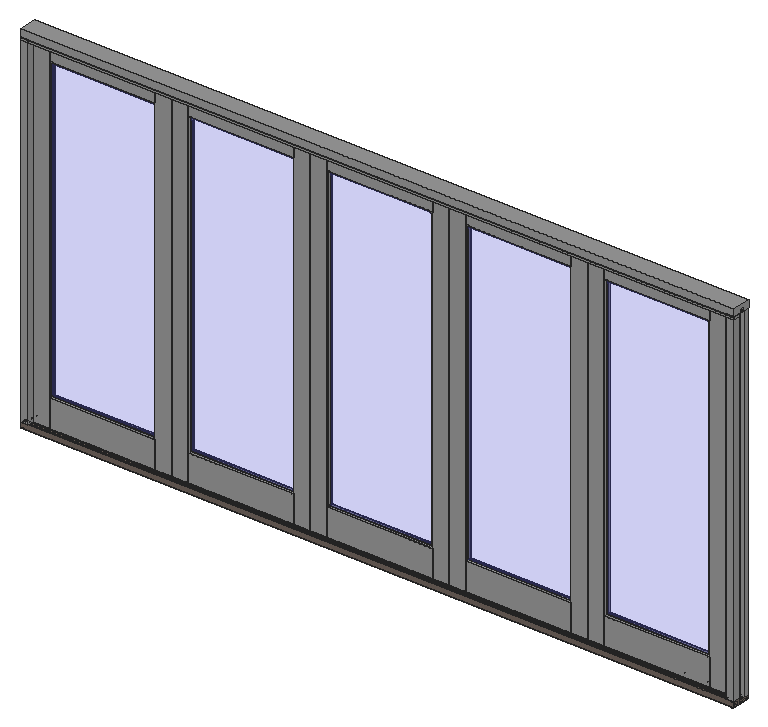
Revit family "VSFA 4190 G1 RH (Revised)", category Doors, host Wall, Revit 2015
Parameters (values of type "VSFA 4190 G1 RH")
  Function = Interior
  Frame Projection Ext. = 25 mm
  Frame Projection Int. = 25 mm
  Frame Width = 75 mm
  Height = 2100 mm
  Wall Closure = By host
  Width = 4190 mm
Reference planes
  plane 1: y = 0
  plane 2 "Center (Left/Right)": x = 0
  plane 3 "Left": x = -2095
  plane 4 "Right": x = 2095
  plane 5: z = 2100
  plane 6 "Exterior": y = 75
  plane 7 "Interior": y = -75
  plane 8: x = 1206
  plane 9: x = -1236
  plane 10: x = 1205
  plane 11: x = 391
  plane 12: x = -422
  plane 13: x = 392
  plane 14: x = -423
  plane 15: x = -1237
Forms (mm)
  Extrusion 1, solid, material "Aluminium Cill (Bronze)"
    sketch origin (0, 79.18, -119.746) x (0, 1, 0) y (0, 0, -1)
      loop
        arc (-26.68, -120.746) -> (-26.972, -120.039) -> (-27.68, -119.746) r 1
        line (-27.68, -119.746) -> (-130.68, -119.746)
        arc (-130.68, -119.746) -> (-131.387, -120.039) -> (-131.68, -120.746) r 1
        line (-131.68, -120.746) -> (-131.68, -150.746)
        arc (-131.68, -150.746) -> (-131.387, -151.453) -> (-130.68, -151.746) r 1
        line (-130.68, -151.746) -> (-120.912, -151.746)
        arc (-120.912, -151.746) -> (-119.18, -150.746) -> (-117.447, -151.746) r 2
        line (-117.447, -151.746) -> (-112.912, -151.746)
        arc (-112.912, -151.746) -> (-111.18, -150.746) -> (-109.447, -151.746) r 2
        line (-109.447, -151.746) -> (-99.68, -151.746)
        arc (-99.68, -151.746) -> (-98.972, -151.453) -> (-98.68, -150.746) r 1
        line (-98.68, -150.746) -> (-98.68, -149.246)
        arc (-98.68, -149.246) -> (-99.18, -148.746) -> (-99.68, -149.246) r 0.5
        line (-99.68, -149.246) -> (-99.68, -150.246) -> (-100.88, -150.246) -> (-100.88, -142.734) -> (-99.68, -142.734) -> (-99.68, -143.746)
        arc (-99.68, -143.746) -> (-99.18, -144.246) -> (-98.68, -143.746) r 0.5
        line (-98.68, -143.746) -> (-98.68, -138.746) -> (-90.432, -138.746) -> (-82.18, -138.746) -> (-82.18, -135.246)
        arc (-82.18, -135.246) -> (-81.74, -134.185) -> (-80.68, -133.746) r 1.5
        line (-80.68, -133.746) -> (-75.93, -133.746) -> (-75.93, -135.746) -> (-77.363, -135.746)
        arc (-77.363, -135.746) -> (-74.68, -138.746) -> (-71.996, -135.746) r 2.7
        line (-71.996, -135.746) -> (-73.43, -135.746) -> (-73.43, -133.746) -> (-68.68, -133.746)
        arc (-68.68, -133.746) -> (-67.619, -134.185) -> (-67.18, -135.246) r 1.5
        line (-67.18, -135.246) -> (-67.18, -138.746) -> (-60.412, -138.746)
        arc (-60.412, -138.746) -> (-58.68, -137.746) -> (-56.947, -138.746) r 2
        line (-56.947, -138.746) -> (-52.412, -138.746)
        arc (-52.412, -138.746) -> (-50.68, -137.746) -> (-48.947, -138.746) r 2
        line (-48.947, -138.746) -> (-44.412, -138.746)
        arc (-44.412, -138.746) -> (-42.68, -137.746) -> (-40.947, -138.746) r 2
        line (-40.947, -138.746) -> (-29.68, -138.746)
        arc (-29.68, -138.746) -> (-27.558, -137.867) -> (-26.68, -135.746) r 3
        line (-26.68, -135.746) -> (-26.68, -120.746)
      loop
        arc (-29.68, -137.246) -> (-28.619, -136.807) -> (-28.18, -135.746) r 1.5
        line (-28.18, -135.746) -> (-28.18, -121.246) -> (-73.93, -121.246) -> (-73.93, -132.246) -> (-68.68, -132.246)
        arc (-68.68, -132.246) -> (-66.558, -133.125) -> (-65.68, -135.246) r 3
        line (-65.68, -135.246) -> (-65.68, -137.246) -> (-61.129, -137.246)
        arc (-61.129, -137.246) -> (-58.68, -136.246) -> (-56.23, -137.246) r 3.5
        line (-56.23, -137.246) -> (-53.129, -137.246)
        arc (-53.129, -137.246) -> (-50.68, -136.246) -> (-48.23, -137.246) r 3.5
        line (-48.23, -137.246) -> (-45.129, -137.246)
        arc (-45.129, -137.246) -> (-42.68, -136.246) -> (-40.23, -137.246) r 3.5
        line (-40.23, -137.246) -> (-29.68, -137.246)
      loop
        line (-75.43, -132.246) -> (-75.43, -121.246) -> (-98.68, -121.246) -> (-98.68, -137.246) -> (-83.68, -137.246) -> (-83.68, -135.246)
        arc (-83.68, -135.246) -> (-82.801, -133.125) -> (-80.68, -132.246) r 3
        line (-80.68, -132.246) -> (-75.43, -132.246)
      loop
        line (-100.18, -121.246) -> (-130.18, -121.246) -> (-130.18, -150.246) -> (-121.629, -150.246)
        arc (-121.629, -150.246) -> (-119.18, -149.246) -> (-116.73, -150.246) r 3.5
        line (-116.73, -150.246) -> (-113.629, -150.246)
        arc (-113.629, -150.246) -> (-111.18, -149.246) -> (-108.73, -150.246) r 3.5
        line (-108.73, -150.246) -> (-102.38, -150.246) -> (-102.38, -141.246) -> (-100.18, -141.246) -> (-100.18, -121.246)
    from -2095 to 2095
  Extrusion 2, solid, material "Lauan, Meranti"
    sketch origin (-122.148, 0, 0) x (0, 1, 0) y (0, 0, 1)
      loop
        line (52.5, 2100) -> (-52.5, 2100) -> (-52.5, 2055) -> (-6.5, 2055) -> (-6.5, 2075) -> (15.5, 2075) -> (15.5, 2055) -> (52.5, 2055) -> (52.5, 2100)
    from -1972.852 to 2217.148
  Extrusion 3, solid, material "Lauan, Meranti"
    sketch origin (2.986, 0, 0) x (0, 1, 0) y (0, 0, 1)
      loop
        line (-52.5, 2052) -> (-52.5, 2042) -> (-20.5, 2042) -> (-20.5, 2045.5) -> (-27.5, 2045.5) -> (-27.5, 2048.5) -> (-20.5, 2048.5) -> (-20.5, 2055) -> (-49.5, 2055) -> (-49.5, 2052) -> (-52.5, 2052)
    from -2097.986 to 2092.014
  Extrusion 4, solid, material "Steel, Chrome Plated"
    sketch origin (129.456, -1.5, 0) x (0, 1, 0) y (0, 0, -1)
      loop
        line (16.5, -2075) -> (16.5, -2055) -> (14.3, -2055) -> (14.3, -2072.8) -> (-2.3, -2072.8) -> (-2.3, -2055) -> (-4.5, -2055) -> (-4.5, -2075) -> (16.5, -2075)
    from -1965.544 to 2224.456
  Extrusion 5, solid, material "Lauan, Meranti"
    sketch origin (-1430, 0, 0) x (1, 0, 0) y (0, 1, 0)
      loop
        line (-665, 52.5) -> (-665, -52.5) -> (-620, -52.5) -> (-620, 24.5) -> (-632, 24.5) -> (-632, 52.5) -> (-665, 52.5)
    from 32 to 2055
  Extrusion 6, solid, material "Lauan, Meranti"
    sketch origin (-1430, 0, 0) x (1, 0, 0) y (0, 1, 0)
      loop
        line (-665, 52.5) -> (-665, -19.5) -> (-620, -19.5) -> (-620, 24.5) -> (-632, 24.5) -> (-632, 52.5) -> (-665, 52.5)
    from 19 to 32
  Extrusion 7, solid, material "Lauan, Meranti"
    sketch origin (1430, 0, 0) x (1, 0, 0) y (0, 1, 0)
      loop
        line (665, -52.5) -> (665, -16.5) -> (620, -16.5) -> (620, -52.5) -> (665, -52.5)
      loop
        line (665, 52.5) -> (620, 52.5) -> (620, 25.5) -> (665, 25.5) -> (665, 52.5)
      loop
        line (590, 24.5) -> (590, -15.5) -> (635, -15.5) -> (635, -5.5) -> (610, -5.5) -> (610, 14.5) -> (635, 14.5) -> (635, 24.5) -> (590, 24.5)
    from 32 to 2055
  Extrusion 8, solid, material "Lauan, Meranti"
    sketch origin (1430, 0, 0) x (1, 0, 0) y (0, 1, 0)
      loop
        line (620, 52.5) -> (620, 25.5) -> (665, 25.5) -> (665, 52.5) -> (620, 52.5)
      loop
        line (635, 24.5) -> (590, 24.5) -> (590, -15.5) -> (635, -15.5) -> (635, -5.5) -> (610, -5.5) -> (610, 14.5) -> (635, 14.5) -> (635, 24.5)
    from 19 to 32
  Extrusion 9, solid, material "Lauan, Meranti"
    sketch origin (711, 0, 0) x (1, 0, 0) y (0, 1, 0)
      loop
        line (-1133, -15.5) -> (-1037, -15.5) -> (-1037, -13.5)
        arc (-1037, -13.5) -> (-1032.265, -11.94) -> (-1030, -7.5) r 6.549
        line (-1030, -7.5) -> (-1028, -7.5) -> (-1028, -5.5) -> (-1037, -5.5) -> (-1037, 24.5) -> (-1133, 24.5) -> (-1133, -15.5)
      loop
        line (-320, -15.5) -> (-320, 24.5) -> (-416, 24.5) -> (-416, -5.5) -> (-425, -5.5) -> (-425, -7.5) -> (-423, -7.5)
        arc (-423, -7.5) -> (-420.735, -11.94) -> (-416, -13.5) r 6.549
        line (-416, -13.5) -> (-416, -15.5) -> (-320, -15.5)
    from 19 to 2055
  Extrusion 10, solid, material "Lauan, Meranti"
    sketch origin (46.235, 0, 0) x (0, 1, 0) y (0, 0, 1)
      loop
        line (-15.5, 190) -> (-15.5, 19) -> (24.5, 19) -> (24.5, 190) -> (-5.5, 190) -> (-5.5, 199) -> (-7.5, 199) -> (-7.5, 197)
        arc (-7.5, 197) -> (-11.866, 194.67) -> (-13.5, 190) r 6.807
        line (-13.5, 190) -> (-15.5, 190)
      loop
        line (-7.5, 1952) -> (-7.5, 1950) -> (-5.5, 1950) -> (-5.5, 1959) -> (24.5, 1959) -> (24.5, 2055) -> (-15.5, 2055) -> (-15.5, 1959) -> (-13.5, 1959)
        arc (-13.5, 1959) -> (-11.866, 1954.33) -> (-7.5, 1952) r 6.807
    from -372.235 to 248.765
  Sweep 11, solid, material "Lauan, Meranti"
    path origin (-246.124, -75, -1252.272) x (1, 0, 0) y (0, 0, 1)
      loop
        line (-79.876, 3211.272) -> (-79.876, 1442.272) -> (541.124, 1442.272) -> (541.124, 3211.272) -> (-79.876, 3211.272)
    profile origin (-15.5, -75, 1959) x (0, 0, 1) y (0, -1, 0)
      loop
        line (-9, -78) -> (-9, -80) -> (-7, -80)
        arc (-7, -80) -> (-4.67, -84.366) -> (0, -86) r 6.807
        line (0, -86) -> (0, -78) -> (-9, -78)
  Extrusion 12, solid, material "Glass"
    sketch origin (22.808, -110.55, -763.769) x (1, 0, 0) y (0, 0, 1)
      loop
        line (-348.808, 2722.769) -> (-348.808, 953.769) -> (272.192, 953.769) -> (272.192, 2722.769) -> (-348.808, 2722.769)
    from -112.5 to -106.1
  Extrusion 13, solid, material "Lauan, Meranti"
    sketch origin (-103, 0, 0) x (1, 0, 0) y (0, 1, 0)
      loop
        line (-1133, -15.5) -> (-1037, -15.5) -> (-1037, -13.5)
        arc (-1037, -13.5) -> (-1032.265, -11.94) -> (-1030, -7.5) r 6.549
        line (-1030, -7.5) -> (-1028, -7.5) -> (-1028, -5.5) -> (-1037, -5.5) -> (-1037, 24.5) -> (-1133, 24.5) -> (-1133, -15.5)
      loop
        line (-320, -15.5) -> (-320, 24.5) -> (-416, 24.5) -> (-416, -5.5) -> (-425, -5.5) -> (-425, -7.5) -> (-423, -7.5)
        arc (-423, -7.5) -> (-420.735, -11.94) -> (-416, -13.5) r 6.549
        line (-416, -13.5) -> (-416, -15.5) -> (-320, -15.5)
    from 19 to 2055
  Extrusion 14, solid, material "Lauan, Meranti"
    sketch origin (-767.765, 0, 0) x (0, 1, 0) y (0, 0, 1)
      loop
        line (-15.5, 190) -> (-15.5, 19) -> (24.5, 19) -> (24.5, 190) -> (-5.5, 190) -> (-5.5, 199) -> (-7.5, 199) -> (-7.5, 197)
        arc (-7.5, 197) -> (-11.866, 194.67) -> (-13.5, 190) r 6.807
        line (-13.5, 190) -> (-15.5, 190)
      loop
        line (-7.5, 1952) -> (-7.5, 1950) -> (-5.5, 1950) -> (-5.5, 1959) -> (24.5, 1959) -> (24.5, 2055) -> (-15.5, 2055) -> (-15.5, 1959) -> (-13.5, 1959)
        arc (-13.5, 1959) -> (-11.866, 1954.33) -> (-7.5, 1952) r 6.807
    from -372.235 to 248.765
  Sweep 15, solid, material "Lauan, Meranti"
    path origin (-1060.124, -75, -1252.272) x (1, 0, 0) y (0, 0, 1)
      loop
        line (-79.876, 3211.272) -> (-79.876, 1442.272) -> (541.124, 1442.272) -> (541.124, 3211.272) -> (-79.876, 3211.272)
    profile origin (-829.5, -75, 1959) x (0, 0, 1) y (0, -1, 0)
      loop
        line (-9, -78) -> (-9, -80) -> (-7, -80)
        arc (-7, -80) -> (-4.67, -84.366) -> (0, -86) r 6.807
        line (0, -86) -> (0, -78) -> (-9, -78)
  Extrusion 16, solid, material "Glass"
    sketch origin (-791.192, -110.55, -763.769) x (1, 0, 0) y (0, 0, 1)
      loop
        line (-348.808, 2722.769) -> (-348.808, 953.769) -> (272.192, 953.769) -> (272.192, 2722.769) -> (-348.808, 2722.769)
    from -112.5 to -106.1
  Extrusion 17, solid, material "Lauan, Meranti"
    sketch origin (1525, 0, 0) x (1, 0, 0) y (0, 1, 0)
      loop
        line (-1133, -15.5) -> (-1037, -15.5) -> (-1037, -13.5)
        arc (-1037, -13.5) -> (-1032.265, -11.94) -> (-1030, -7.5) r 6.549
        line (-1030, -7.5) -> (-1028, -7.5) -> (-1028, -5.5) -> (-1037, -5.5) -> (-1037, 24.5) -> (-1133, 24.5) -> (-1133, -15.5)
      loop
        line (-320, -15.5) -> (-320, 24.5) -> (-416, 24.5) -> (-416, -5.5) -> (-425, -5.5) -> (-425, -7.5) -> (-423, -7.5)
        arc (-423, -7.5) -> (-420.735, -11.94) -> (-416, -13.5) r 6.549
        line (-416, -13.5) -> (-416, -15.5) -> (-320, -15.5)
    from 19 to 2055
  Extrusion 18, solid, material "Lauan, Meranti"
    sketch origin (860.235, 0, 0) x (0, 1, 0) y (0, 0, 1)
      loop
        line (-15.5, 190) -> (-15.5, 19) -> (24.5, 19) -> (24.5, 190) -> (-5.5, 190) -> (-5.5, 199) -> (-7.5, 199) -> (-7.5, 197)
        arc (-7.5, 197) -> (-11.866, 194.67) -> (-13.5, 190) r 6.807
        line (-13.5, 190) -> (-15.5, 190)
      loop
        line (-7.5, 1952) -> (-7.5, 1950) -> (-5.5, 1950) -> (-5.5, 1959) -> (24.5, 1959) -> (24.5, 2055) -> (-15.5, 2055) -> (-15.5, 1959) -> (-13.5, 1959)
        arc (-13.5, 1959) -> (-11.866, 1954.33) -> (-7.5, 1952) r 6.807
    from -372.235 to 248.765
  Sweep 19, solid, material "Lauan, Meranti"
    path origin (567.876, -75, -1252.272) x (1, 0, 0) y (0, 0, 1)
      loop
        line (-79.876, 3211.272) -> (-79.876, 1442.272) -> (541.124, 1442.272) -> (541.124, 3211.272) -> (-79.876, 3211.272)
    profile origin (798.5, -75, 1959) x (0, 0, 1) y (0, -1, 0)
      loop
        line (-9, -78) -> (-9, -80) -> (-7, -80)
        arc (-7, -80) -> (-4.67, -84.366) -> (0, -86) r 6.807
        line (0, -86) -> (0, -78) -> (-9, -78)
  Extrusion 20, solid, material "Glass"
    sketch origin (836.808, -110.55, -763.769) x (1, 0, 0) y (0, 0, 1)
      loop
        line (-348.808, 2722.769) -> (-348.808, 953.769) -> (272.192, 953.769) -> (272.192, 2722.769) -> (-348.808, 2722.769)
    from -112.5 to -106.1
  Extrusion 21, solid, material "Lauan, Meranti"
    sketch origin (2339, 0, 0) x (1, 0, 0) y (0, 1, 0)
      loop
        line (-1133, -15.5) -> (-1037, -15.5) -> (-1037, -13.5)
        arc (-1037, -13.5) -> (-1032.265, -11.94) -> (-1030, -7.5) r 6.549
        line (-1030, -7.5) -> (-1028, -7.5) -> (-1028, -5.5) -> (-1037, -5.5) -> (-1037, 24.5) -> (-1133, 24.5) -> (-1133, -15.5)
      loop
        line (-320, -15.5) -> (-320, 24.5) -> (-416, 24.5) -> (-416, -5.5) -> (-425, -5.5) -> (-425, -7.5) -> (-423, -7.5)
        arc (-423, -7.5) -> (-420.735, -11.94) -> (-416, -13.5) r 6.549
        line (-416, -13.5) -> (-416, -15.5) -> (-320, -15.5)
    from 19 to 2055
  Extrusion 22, solid, material "Lauan, Meranti"
    sketch origin (1674.235, 0, 0) x (0, 1, 0) y (0, 0, 1)
      loop
        line (-15.5, 190) -> (-15.5, 19) -> (24.5, 19) -> (24.5, 190) -> (-5.5, 190) -> (-5.5, 199) -> (-7.5, 199) -> (-7.5, 197)
        arc (-7.5, 197) -> (-11.866, 194.67) -> (-13.5, 190) r 6.807
        line (-13.5, 190) -> (-15.5, 190)
      loop
        line (-7.5, 1952) -> (-7.5, 1950) -> (-5.5, 1950) -> (-5.5, 1959) -> (24.5, 1959) -> (24.5, 2055) -> (-15.5, 2055) -> (-15.5, 1959) -> (-13.5, 1959)
        arc (-13.5, 1959) -> (-11.866, 1954.33) -> (-7.5, 1952) r 6.807
    from -372.235 to 248.765
  Sweep 23, solid, material "Lauan, Meranti"
    path origin (1381.876, -75, -1252.272) x (1, 0, 0) y (0, 0, 1)
      loop
        line (-79.876, 3211.272) -> (-79.876, 1442.272) -> (541.124, 1442.272) -> (541.124, 3211.272) -> (-79.876, 3211.272)
    profile origin (1612.5, -75, 1959) x (0, 0, 1) y (0, -1, 0)
      loop
        line (-9, -78) -> (-9, -80) -> (-7, -80)
        arc (-7, -80) -> (-4.67, -84.366) -> (0, -86) r 6.807
        line (0, -86) -> (0, -78) -> (-9, -78)
  Extrusion 24, solid, material "Glass"
    sketch origin (1650.808, -110.55, -763.769) x (1, 0, 0) y (0, 0, 1)
      loop
        line (-348.808, 2722.769) -> (-348.808, 953.769) -> (272.192, 953.769) -> (272.192, 2722.769) -> (-348.808, 2722.769)
    from -112.5 to -106.1
  Extrusion 25, solid, material "Lauan, Meranti"
    sketch origin (-917, 0, 0) x (1, 0, 0) y (0, 1, 0)
      loop
        line (-1133, -15.5) -> (-1037, -15.5) -> (-1037, -13.5)
        arc (-1037, -13.5) -> (-1032.265, -11.94) -> (-1030, -7.5) r 6.549
        line (-1030, -7.5) -> (-1028, -7.5) -> (-1028, -5.5) -> (-1037, -5.5) -> (-1037, 24.5) -> (-1133, 24.5) -> (-1133, -15.5)
      loop
        line (-320, -15.5) -> (-320, 24.5) -> (-416, 24.5) -> (-416, -5.5) -> (-425, -5.5) -> (-425, -7.5) -> (-423, -7.5)
        arc (-423, -7.5) -> (-420.735, -11.94) -> (-416, -13.5) r 6.549
        line (-416, -13.5) -> (-416, -15.5) -> (-320, -15.5)
    from 19 to 2055
  Extrusion 26, solid, material "Lauan, Meranti"
    sketch origin (-1581.765, 0, 0) x (0, 1, 0) y (0, 0, 1)
      loop
        line (-15.5, 190) -> (-15.5, 19) -> (24.5, 19) -> (24.5, 190) -> (-5.5, 190) -> (-5.5, 199) -> (-7.5, 199) -> (-7.5, 197)
        arc (-7.5, 197) -> (-11.866, 194.67) -> (-13.5, 190) r 6.807
        line (-13.5, 190) -> (-15.5, 190)
      loop
        line (-7.5, 1952) -> (-7.5, 1950) -> (-5.5, 1950) -> (-5.5, 1959) -> (24.5, 1959) -> (24.5, 2055) -> (-15.5, 2055) -> (-15.5, 1959) -> (-13.5, 1959)
        arc (-13.5, 1959) -> (-11.866, 1954.33) -> (-7.5, 1952) r 6.807
    from -372.235 to 248.765
  Sweep 27, solid, material "Lauan, Meranti"
    path origin (-1874.124, -75, -1252.272) x (1, 0, 0) y (0, 0, 1)
      loop
        line (-79.876, 3211.272) -> (-79.876, 1442.272) -> (541.124, 1442.272) -> (541.124, 3211.272) -> (-79.876, 3211.272)
    profile origin (-1643.5, -75, 1959) x (0, 0, 1) y (0, -1, 0)
      loop
        line (-9, -78) -> (-9, -80) -> (-7, -80)
        arc (-7, -80) -> (-4.67, -84.366) -> (0, -86) r 6.807
        line (0, -86) -> (0, -78) -> (-9, -78)
  Extrusion 28, solid, material "Glass"
    sketch origin (-1605.192, -110.55, -763.769) x (1, 0, 0) y (0, 0, 1)
      loop
        line (-348.808, 2722.769) -> (-348.808, 953.769) -> (272.192, 953.769) -> (272.192, 2722.769) -> (-348.808, 2722.769)
    from -112.5 to -106.1
Cuts and joins
  joined: Extrusion 7, Extrusion 8
  joined: Extrusion 5, Extrusion 6
Lines and regions (mm)
  Opening 1
    outline origin (-5000, 75, 0) x (-1, 0, 0) y (0, 0, 1)
      loop
        line (-7095, 0) -> (-2905, 0) -> (-2905, 2100) -> (-7095, 2100) -> (-7095, 0)
  model lines
    curve 1: line (-178.198, 24.5, 1050) -> (-3.198, 24.5, 1050)
    curve 2: line (135.879, 24.5, 1050) -> (-3.198, 24.5, 1106.191)
    curve 3: line (-3.198, 24.5, 1106.191) -> (-3.198, 24.5, 993.809)
    curve 4: line (135.879, 24.5, 1050) -> (-3.198, 24.5, 993.809)
    curve 5: line (-992.198, 24.5, 1050) -> (-817.198, 24.5, 1050)
    curve 6: line (-678.121, 24.5, 1050) -> (-817.198, 24.5, 1106.191)
    curve 7: line (-817.198, 24.5, 1106.191) -> (-817.198, 24.5, 993.809)
    curve 8: line (-678.121, 24.5, 1050) -> (-817.198, 24.5, 993.809)
    curve 9: line (635.802, 24.5, 1050) -> (810.802, 24.5, 1050)
    curve 10: line (949.879, 24.5, 1050) -> (810.802, 24.5, 1106.191)
    curve 11: line (810.802, 24.5, 1106.191) -> (810.802, 24.5, 993.809)
    curve 12: line (949.879, 24.5, 1050) -> (810.802, 24.5, 993.809)
    curve 13: line (1449.802, 24.5, 1050) -> (1624.802, 24.5, 1050)
    curve 14: line (1763.879, 24.5, 1050) -> (1624.802, 24.5, 1106.191)
    curve 15: line (1624.802, 24.5, 1106.191) -> (1624.802, 24.5, 993.809)
    curve 16: line (1763.879, 24.5, 1050) -> (1624.802, 24.5, 993.809)
    curve 17: line (-1806.198, 24.5, 1050) -> (-1631.198, 24.5, 1050)
    curve 18: line (-1492.121, 24.5, 1050) -> (-1631.198, 24.5, 1106.191)
    curve 19: line (-1631.198, 24.5, 1106.191) -> (-1631.198, 24.5, 993.809)
    curve 20: line (-1492.121, 24.5, 1050) -> (-1631.198, 24.5, 993.809)
    curve 21: line (2020, 24.5, 2100) -> (1613.5, 728.579, 2100)
    curve 22: line (1613.5, 728.579, 2100) -> (1578.859, 708.579, 2100)
    curve 23: line (1578.859, 708.579, 2100) -> (1985.359, 4.5, 2100)
    curve 24: line (1137.718, 24.5, 2100) -> (1544.218, 728.579, 2100)
    curve 25: line (1544.218, 728.579, 2100) -> (1578.859, 708.579, 2100)
    curve 26: line (1578.859, 708.579, 2100) -> (1172.359, 4.5, 2100)
    curve 27: line (1137.718, 24.5, 2100) -> (731.218, 728.579, 2100)
    curve 28: line (731.218, 728.579, 2100) -> (696.577, 708.579, 2100)
    curve 29: line (1103.077, 4.5, 2100) -> (696.577, 708.579, 2100)
    curve 30: line (255.436, 24.5, 2100) -> (-151.064, 728.579, 2100)
    curve 31: line (-151.064, 728.579, 2100) -> (-185.705, 708.579, 2100)
    curve 32: line (-185.705, 708.579, 2100) -> (220.795, 4.5, 2100)
    curve 33: line (255.436, 24.5, 2100) -> (661.936, 728.579, 2100)
    curve 34: line (661.936, 728.579, 2100) -> (696.577, 708.579, 2100)
    curve 35: line (290.077, 4.5, 2100) -> (696.577, 708.579, 2100)
    curve 36: line (2050, 52.5, 2100) -> (2050, 24.5, 2100)
    curve 37: line (2050, 24.5, 2100) -> (2020, 24.5, 2100)
    curve 38: line (2020, 24.5, 2100) -> (2020, -15.5, 2100)
    curve 39: line (2020, -15.5, 2100) -> (2050, -15.5, 2100)
    curve 40: line (2050, -15.5, 2100) -> (2050, -52.5, 2100)
    curve 41: line (2050, -15.5, 2100) -> (2050, -52.5, 2100)
    curve 42: line (2050, -52.5, 2100) -> (2095, -52.5, 2100)
    curve 43: line (2095, -52.5, 2100) -> (2095, 52.5, 2100)
    curve 44: line (-2095, -52.5, 2100) -> (-2050, -52.5, 2100)
    curve 45: line (-2050, -52.5, 2100) -> (-2050, 52.5, 2100)
    curve 46: line (-2050, 52.5, 2100) -> (-2095, 52.5, 2100)
    curve 47: line (-2095, 52.5, 2100) -> (-2095, -52.5, 2100)
    curve 48: line (-2050, 52.5, 2100) -> (193.082, 52.5, 2100)
    curve 49: line (239.27, 52.5, 2100) -> (271.602, 52.5, 2100)
    curve 50: line (317.79, 52.5, 2100) -> (1075.364, 52.5, 2100)
    curve 51: line (1121.552, 52.5, 2100) -> (1153.884, 52.5, 2100)
    curve 52: line (2003.834, 52.5, 2100) -> (2050, 52.5, 2100)
    curve 53: line (2050, -52.5, 2100) -> (-2050, -52.5, 2100)
    curve 54: line (255.436, 24.5, 2100) -> (220.795, 4.5, 2100)
    curve 55: line (255.436, 24.5, 2100) -> (290.077, 4.5, 2100)
    curve 56: line (1137.718, 24.5, 2100) -> (1172.359, 4.5, 2100)
    curve 57: line (1137.718, 24.5, 2100) -> (1103.077, 4.5, 2100)
    curve 58: line (2020, 24.5, 2100) -> (1985.359, 4.5, 2100)
Text (mm)
  text "Exterior" at (-2295.016, 1099.543, 0), in view "Ref. Level"
  text "Exterior" at (0, 1615.38, 3698.081), in view "Left"
  text "Exterior" at (0, 1036.032, 3874.932), in view "Right"
Dimensions and locks
  equal spacing: plane 3 "Left", plane 2 "Center (Left/Right)", plane 4 "Right"
  "Width": plane 3 "Left" to plane 4 "Right"
  "Height": plane 5 to host wall
  host wall to plane 5 = 2100 mm  (x2)
  locked: plane 6 "Exterior" to host wall at 0
  locked: plane 7 "Interior" to host wall
  plane 3 "Left" to plane 4 "Right" = 4190 mm
  aligned and locked: plane 1 to host wall
  aligned and locked: Opening 1 sketch curve to level
  aligned and locked: Extrusion 10 to Extrusion 9
  aligned and locked: Extrusion 12 to Extrusion 10  (x2)
  aligned and locked: Extrusion 12 to Extrusion 9
  aligned and locked: Sweep 11 sketch curve to Extrusion 10  (x2)
  aligned and locked: Extrusion 9 to Sweep 11 sketch curve
  aligned and locked: Extrusion 14 to Extrusion 13
  aligned and locked: Extrusion 16 to Extrusion 14  (x2)
  aligned and locked: Extrusion 16 to Extrusion 13
  aligned and locked: Sweep 15 sketch curve to Extrusion 14  (x2)
  aligned and locked: Extrusion 13 to Sweep 15 sketch curve
  aligned and locked: Extrusion 18 to Extrusion 17
  aligned and locked: Extrusion 20 to Extrusion 18  (x2)
  aligned and locked: Extrusion 20 to Extrusion 17
  aligned and locked: Sweep 19 sketch curve to Extrusion 18  (x2)
  aligned and locked: Extrusion 17 to Sweep 19 sketch curve
  aligned and locked: Extrusion 22 to Extrusion 21
  aligned and locked: Extrusion 24 to Extrusion 22  (x2)
  aligned and locked: Extrusion 24 to Extrusion 21
  aligned and locked: Sweep 23 sketch curve to Extrusion 22  (x2)
  aligned and locked: Extrusion 21 to Sweep 23 sketch curve
  aligned and locked: Extrusion 26 to Extrusion 25
  aligned and locked: Extrusion 28 to Extrusion 26  (x2)
  aligned and locked: Extrusion 28 to Extrusion 25
  aligned and locked: Sweep 27 sketch curve to Extrusion 26  (x2)
  aligned and locked: Extrusion 25 to Sweep 27 sketch curve
Automatic sketch dimensions
  plane 4 "Right" to Opening 1 sketch curve = 0 mm
  plane 3 "Left" to Opening 1 sketch curve = 0 mm
  Opening 1 sketch curve to plane 5 = 0 mm
  Extrusion 1 sketch curve to level = 0 mm
  level to Extrusion 1 sketch curve = 1 mm
  Extrusion 1 sketch curve to host wall = 22.5 mm
  Extrusion 1 sketch curve to Extrusion 1 sketch curve = 1 mm  (x7)
  Extrusion 1 sketch curve to Extrusion 1 sketch curve = 0.5 mm  (x8)
  Extrusion 1 sketch curve to Extrusion 1 sketch curve = 8.551 mm
  Extrusion 1 sketch curve to Extrusion 1 sketch curve = 0.717 mm  (x10)
  Extrusion 1 sketch curve to Extrusion 1 sketch curve = 1.732 mm  (x10)
  Extrusion 1 sketch curve to Extrusion 1 sketch curve = 0 mm  (x24)
  Extrusion 1 sketch curve to Extrusion 1 sketch curve = 3.101 mm  (x3)
  Extrusion 1 sketch curve to Extrusion 1 sketch curve = 6.351 mm
  Extrusion 1 sketch curve to Extrusion 1 sketch curve = 1.5 mm  (x15)
  Extrusion 1 sketch curve to Extrusion 1 sketch curve = 0.7 mm
  level to Extrusion 1 sketch curve = 1.5 mm  (x3)
  Extrusion 1 sketch curve to Extrusion 1 sketch curve = 1.2 mm  (x2)
  Extrusion 1 sketch curve to Extrusion 1 sketch curve = 8.248 mm
  host wall to Extrusion 1 sketch curve = 4.5 mm
  host wall to Extrusion 1 sketch curve = 1.5 mm  (x2)
  Extrusion 1 sketch curve to host wall = 1.817 mm
  Extrusion 1 sketch curve to Extrusion 1 sketch curve = 1.433 mm  (x3)
  Extrusion 1 sketch curve to host wall = 3.75 mm
  Extrusion 1 sketch curve to Extrusion 1 sketch curve = 1.25 mm  (x2)
  Extrusion 1 sketch curve to Extrusion 1 sketch curve = 3.317 mm
  Extrusion 1 sketch curve to Extrusion 1 sketch curve = 4.551 mm
  Extrusion 1 sketch curve to Extrusion 1 sketch curve = 10.551 mm
  Extrusion 1 sketch curve to Extrusion 1 sketch curve = 11 mm
  Extrusion 1 sketch curve to Extrusion 1 sketch curve = 14.5 mm
  Extrusion 1 sketch curve to Extrusion 1 sketch curve = 2 mm  (x5)
  Extrusion 1 sketch curve to Extrusion 1 sketch curve = 0.3 mm
  Extrusion 1 sketch curve to Extrusion 1 sketch curve = 2.5 mm
  Extrusion 1 sketch curve to Extrusion 1 sketch curve = 1.488 mm
  Extrusion 1 sketch curve to Extrusion 1 sketch curve = 1.012 mm
  Extrusion 1 sketch curve to Extrusion 1 sketch curve = 5.5 mm
  Extrusion 1 sketch curve to Extrusion 1 sketch curve = 9 mm
  plane 5 to Extrusion 2 sketch curve = 0 mm
  Extrusion 2 sketch curve to host wall = 22.5 mm  (x2)
  host wall to Extrusion 2 sketch curve = 6.5 mm
  Extrusion 2 sketch curve to host wall = 15.5 mm
  plane 5 to Extrusion 2 sketch curve = 25 mm
  Extrusion 2 sketch curve to Extrusion 2 sketch curve = 20 mm  (x2)
  Extrusion 3 sketch curve to host wall = 22.5 mm
  Extrusion 3 sketch curve to Extrusion 3 sketch curve = 3 mm  (x2)
  Extrusion 3 sketch curve to Extrusion 3 sketch curve = 22 mm
  Extrusion 3 sketch curve to Extrusion 3 sketch curve = 7 mm
  Extrusion 3 sketch curve to Extrusion 3 sketch curve = 0 mm
  plane 5 to Extrusion 3 sketch curve = 58 mm
  Extrusion 3 sketch curve to Extrusion 3 sketch curve = 3.5 mm
  Extrusion 3 sketch curve to Extrusion 3 sketch curve = 10 mm
  Extrusion 3 sketch curve to Extrusion 3 sketch curve = 6.5 mm
  host wall to Extrusion 4 sketch curve = 6 mm
  Extrusion 4 sketch curve to Extrusion 4 sketch curve = 2.2 mm  (x3)
  Extrusion 4 sketch curve to host wall = 12.8 mm
  plane 5 to Extrusion 4 sketch curve = 25 mm
  Extrusion 4 sketch curve to Extrusion 4 sketch curve = 17.8 mm  (x2)
  Extrusion 5 sketch curve to plane 3 "Left" = 0 mm
  Extrusion 5 sketch curve to plane 3 "Left" = 33 mm
  Extrusion 5 sketch curve to Extrusion 5 sketch curve = 45 mm
  Extrusion 5 sketch curve to host wall = 22.5 mm  (x2)
  Extrusion 5 sketch curve to host wall = 24.5 mm
  Extrusion 6 sketch curve to plane 3 "Left" = 0 mm
  Extrusion 6 sketch curve to plane 3 "Left" = 33 mm
  host wall to Extrusion 6 sketch curve = 19.5 mm
  Extrusion 6 sketch curve to Extrusion 6 sketch curve = 45 mm
  Extrusion 6 sketch curve to host wall = 24.5 mm
  Extrusion 6 sketch curve to host wall = 22.5 mm
  Extrusion 7 sketch curve to plane 4 "Right" = 0 mm  (x2)
  plane 4 "Right" to Extrusion 7 sketch curve = 30 mm  (x2)
  Extrusion 7 sketch curve to Extrusion 7 sketch curve = 15 mm  (x2)
  Extrusion 7 sketch curve to Extrusion 7 sketch curve = 10 mm  (x2)
  Extrusion 7 sketch curve to Extrusion 7 sketch curve = 20 mm
  Extrusion 7 sketch curve to host wall = 22.5 mm  (x2)
  host wall to Extrusion 7 sketch curve = 16.5 mm
  Extrusion 7 sketch curve to Extrusion 7 sketch curve = 1 mm
  host wall to Extrusion 7 sketch curve = 5.5 mm
  Extrusion 7 sketch curve to host wall = 14.5 mm
  Extrusion 7 sketch curve to Extrusion 7 sketch curve = 11 mm
  Extrusion 8 sketch curve to plane 4 "Right" = 0 mm
  plane 4 "Right" to Extrusion 8 sketch curve = 30 mm
  Extrusion 8 sketch curve to Extrusion 8 sketch curve = 0 mm
  Extrusion 8 sketch curve to Extrusion 8 sketch curve = 15 mm
  host wall to Extrusion 8 sketch curve = 5.5 mm
  Extrusion 8 sketch curve to Extrusion 8 sketch curve = 25 mm
  Extrusion 8 sketch curve to Extrusion 8 sketch curve = 20 mm
  Extrusion 8 sketch curve to Extrusion 8 sketch curve = 10 mm  (x2)
  Extrusion 8 sketch curve to host wall = 14.5 mm
  Extrusion 8 sketch curve to host wall = 25.5 mm
  Extrusion 8 sketch curve to host wall = 22.5 mm
  Extrusion 9 sketch curve to plane 12 = 0 mm
  Extrusion 9 sketch curve to plane 11 = 0 mm
  host wall to Extrusion 9 sketch curve = 13.5 mm
  Extrusion 9 sketch curve to plane 12 = 96 mm
  Extrusion 9 sketch curve to Extrusion 9 sketch curve = 0 mm
  Extrusion 9 sketch curve to Extrusion 9 sketch curve = 0.473 mm  (x3)
  Extrusion 9 sketch curve to Extrusion 9 sketch curve = 6.527 mm  (x2)
  Extrusion 9 sketch curve to Extrusion 9 sketch curve = 2 mm  (x4)
  host wall to Extrusion 9 sketch curve = 5.5 mm
  plane 11 to Extrusion 9 sketch curve = 105 mm
  host wall to Extrusion 9 sketch curve = 15.5 mm  (x2)
  host wall to Extrusion 9 sketch curve = 7.5 mm
  Extrusion 9 sketch curve to Extrusion 9 sketch curve = 1.468 mm
  Extrusion 9 sketch curve to host wall = 24.5 mm  (x2)
  host wall to Extrusion 10 sketch curve = 15.5 mm  (x2)
  Extrusion 10 sketch curve to Extrusion 10 sketch curve = 2 mm  (x6)
  host wall to Extrusion 10 sketch curve = 7.5 mm  (x2)
  host wall to Extrusion 10 sketch curve = 6.697 mm  (x2)
  Extrusion 10 sketch curve to host wall = 24.5 mm  (x2)
  level to Extrusion 10 sketch curve = 19 mm
  Extrusion 10 sketch curve to Extrusion 10 sketch curve = 171 mm
  Extrusion 10 sketch curve to Extrusion 10 sketch curve = 0 mm
  Extrusion 10 sketch curve to Extrusion 10 sketch curve = 0.241 mm  (x2)
  plane 5 to Extrusion 10 sketch curve = 150 mm
  Extrusion 10 sketch curve to Extrusion 10 sketch curve = 6.759 mm
  plane 5 to Extrusion 10 sketch curve = 45 mm
  Sweep 11 sketch curve to plane 12 = 96 mm
  profile plane to Sweep 11 sketch curve = 0 mm
  profile plane to Sweep 11 sketch curve = 0.241 mm
  Sweep 11 sketch curve to Sweep 11 sketch curve = 6.759 mm
  Sweep 11 sketch curve to Sweep 11 sketch curve = 2 mm  (x2)
  Sweep 11 sketch curve to profile plane = 86 mm
  Sweep 11 sketch curve to Sweep 11 sketch curve = 6 mm
  Extrusion 12 sketch curve to plane 12 = 96 mm
  plane 11 to Extrusion 12 sketch curve = 96 mm
  level to Extrusion 12 sketch curve = 190 mm
  plane 5 to Extrusion 12 sketch curve = 141 mm
  Extrusion 13 sketch curve to plane 9 = 0 mm
  Extrusion 13 sketch curve to plane 14 = 0 mm
  host wall to Extrusion 13 sketch curve = 13.5 mm
  Extrusion 13 sketch curve to plane 9 = 96 mm
  Extrusion 13 sketch curve to Extrusion 13 sketch curve = 0 mm
  Extrusion 13 sketch curve to Extrusion 13 sketch curve = 0.473 mm  (x3)
  Extrusion 13 sketch curve to Extrusion 13 sketch curve = 6.527 mm  (x2)
  Extrusion 13 sketch curve to Extrusion 13 sketch curve = 2 mm  (x4)
  host wall to Extrusion 13 sketch curve = 5.5 mm
  plane 14 to Extrusion 13 sketch curve = 105 mm
  host wall to Extrusion 13 sketch curve = 15.5 mm  (x2)
  host wall to Extrusion 13 sketch curve = 7.5 mm
  Extrusion 13 sketch curve to Extrusion 13 sketch curve = 1.468 mm
  Extrusion 13 sketch curve to host wall = 24.5 mm  (x2)
  host wall to Extrusion 14 sketch curve = 15.5 mm  (x2)
  Extrusion 14 sketch curve to Extrusion 14 sketch curve = 2 mm  (x6)
  host wall to Extrusion 14 sketch curve = 7.5 mm  (x2)
  host wall to Extrusion 14 sketch curve = 6.697 mm  (x2)
  Extrusion 14 sketch curve to host wall = 24.5 mm  (x2)
  level to Extrusion 14 sketch curve = 19 mm
  Extrusion 14 sketch curve to Extrusion 14 sketch curve = 171 mm
  Extrusion 14 sketch curve to Extrusion 14 sketch curve = 0 mm
  Extrusion 14 sketch curve to Extrusion 14 sketch curve = 0.241 mm  (x2)
  plane 5 to Extrusion 14 sketch curve = 150 mm
  Extrusion 14 sketch curve to Extrusion 14 sketch curve = 6.759 mm
  plane 5 to Extrusion 14 sketch curve = 45 mm
  Sweep 15 sketch curve to plane 9 = 96 mm
  profile plane to Sweep 15 sketch curve = 0 mm
  profile plane to Sweep 15 sketch curve = 0.241 mm
  Sweep 15 sketch curve to Sweep 15 sketch curve = 6.759 mm
  Sweep 15 sketch curve to Sweep 15 sketch curve = 2 mm  (x2)
  Sweep 15 sketch curve to profile plane = 86 mm
  Sweep 15 sketch curve to Sweep 15 sketch curve = 6 mm
  Extrusion 16 sketch curve to plane 9 = 96 mm
  plane 14 to Extrusion 16 sketch curve = 96 mm
  level to Extrusion 16 sketch curve = 190 mm
  plane 5 to Extrusion 16 sketch curve = 141 mm
  Extrusion 17 sketch curve to plane 13 = 0 mm
  Extrusion 17 sketch curve to plane 10 = 0 mm
  host wall to Extrusion 17 sketch curve = 13.5 mm
  Extrusion 17 sketch curve to plane 13 = 96 mm
  Extrusion 17 sketch curve to Extrusion 17 sketch curve = 0 mm
  Extrusion 17 sketch curve to Extrusion 17 sketch curve = 0.473 mm  (x3)
  Extrusion 17 sketch curve to Extrusion 17 sketch curve = 6.527 mm  (x2)
  Extrusion 17 sketch curve to Extrusion 17 sketch curve = 2 mm  (x4)
  host wall to Extrusion 17 sketch curve = 5.5 mm
  plane 10 to Extrusion 17 sketch curve = 105 mm
  host wall to Extrusion 17 sketch curve = 15.5 mm  (x2)
  host wall to Extrusion 17 sketch curve = 7.5 mm
  Extrusion 17 sketch curve to Extrusion 17 sketch curve = 1.468 mm
  Extrusion 17 sketch curve to host wall = 24.5 mm  (x2)
  host wall to Extrusion 18 sketch curve = 15.5 mm  (x2)
  Extrusion 18 sketch curve to Extrusion 18 sketch curve = 2 mm  (x6)
  host wall to Extrusion 18 sketch curve = 7.5 mm  (x2)
  host wall to Extrusion 18 sketch curve = 6.697 mm  (x2)
  Extrusion 18 sketch curve to host wall = 24.5 mm  (x2)
  level to Extrusion 18 sketch curve = 19 mm
  Extrusion 18 sketch curve to Extrusion 18 sketch curve = 171 mm
  Extrusion 18 sketch curve to Extrusion 18 sketch curve = 0 mm
  Extrusion 18 sketch curve to Extrusion 18 sketch curve = 0.241 mm  (x2)
  plane 5 to Extrusion 18 sketch curve = 150 mm
  Extrusion 18 sketch curve to Extrusion 18 sketch curve = 6.759 mm
  plane 5 to Extrusion 18 sketch curve = 45 mm
  Sweep 19 sketch curve to plane 13 = 96 mm
  profile plane to Sweep 19 sketch curve = 0 mm
  profile plane to Sweep 19 sketch curve = 0.241 mm
  Sweep 19 sketch curve to Sweep 19 sketch curve = 6.759 mm
  Sweep 19 sketch curve to Sweep 19 sketch curve = 2 mm  (x2)
  Sweep 19 sketch curve to profile plane = 86 mm
  Sweep 19 sketch curve to Sweep 19 sketch curve = 6 mm
  Extrusion 20 sketch curve to plane 13 = 96 mm
  plane 10 to Extrusion 20 sketch curve = 96 mm
  level to Extrusion 20 sketch curve = 190 mm
  plane 5 to Extrusion 20 sketch curve = 141 mm
  Extrusion 21 sketch curve to plane 8 = 0 mm
  host wall to Extrusion 21 sketch curve = 13.5 mm
  Extrusion 21 sketch curve to plane 8 = 96 mm
  Extrusion 21 sketch curve to Extrusion 21 sketch curve = 0 mm
  Extrusion 21 sketch curve to Extrusion 21 sketch curve = 0.473 mm  (x3)
  Extrusion 21 sketch curve to Extrusion 21 sketch curve = 6.527 mm  (x2)
  Extrusion 21 sketch curve to Extrusion 21 sketch curve = 2 mm  (x4)
  host wall to Extrusion 21 sketch curve = 5.5 mm
  plane 4 "Right" to Extrusion 21 sketch curve = 181 mm
  Extrusion 21 sketch curve to host wall = 24.5 mm  (x2)
  plane 4 "Right" to Extrusion 21 sketch curve = 76 mm
  host wall to Extrusion 21 sketch curve = 15.5 mm  (x2)
  host wall to Extrusion 21 sketch curve = 7.5 mm
  Extrusion 21 sketch curve to Extrusion 21 sketch curve = 1.468 mm
  host wall to Extrusion 22 sketch curve = 15.5 mm  (x2)
  Extrusion 22 sketch curve to Extrusion 22 sketch curve = 2 mm  (x6)
  host wall to Extrusion 22 sketch curve = 7.5 mm  (x2)
  host wall to Extrusion 22 sketch curve = 6.697 mm  (x2)
  Extrusion 22 sketch curve to host wall = 24.5 mm  (x2)
  level to Extrusion 22 sketch curve = 19 mm
  Extrusion 22 sketch curve to Extrusion 22 sketch curve = 171 mm
  Extrusion 22 sketch curve to Extrusion 22 sketch curve = 0 mm
  Extrusion 22 sketch curve to Extrusion 22 sketch curve = 0.241 mm  (x2)
  plane 5 to Extrusion 22 sketch curve = 150 mm
  Extrusion 22 sketch curve to Extrusion 22 sketch curve = 6.759 mm
  plane 5 to Extrusion 22 sketch curve = 45 mm
  Sweep 23 sketch curve to plane 8 = 96 mm
  profile plane to Sweep 23 sketch curve = 0 mm
  profile plane to Sweep 23 sketch curve = 0.241 mm
  Sweep 23 sketch curve to Sweep 23 sketch curve = 6.759 mm
  Sweep 23 sketch curve to Sweep 23 sketch curve = 2 mm  (x2)
  Sweep 23 sketch curve to profile plane = 86 mm
  Sweep 23 sketch curve to Sweep 23 sketch curve = 6 mm
  Extrusion 24 sketch curve to plane 8 = 96 mm
  plane 4 "Right" to Extrusion 24 sketch curve = 172 mm
  level to Extrusion 24 sketch curve = 190 mm
  plane 5 to Extrusion 24 sketch curve = 141 mm
  Extrusion 25 sketch curve to plane 15 = 0 mm
  host wall to Extrusion 25 sketch curve = 13.5 mm
  plane 15 to Extrusion 25 sketch curve = 96 mm
  Extrusion 25 sketch curve to Extrusion 25 sketch curve = 0 mm
  Extrusion 25 sketch curve to Extrusion 25 sketch curve = 0.473 mm  (x2)
  Extrusion 25 sketch curve to Extrusion 25 sketch curve = 6.527 mm  (x2)
  Extrusion 25 sketch curve to Extrusion 25 sketch curve = 2 mm  (x4)
  host wall to Extrusion 25 sketch curve = 5.5 mm
  Extrusion 25 sketch curve to plane 3 "Left" = 150 mm
  Extrusion 25 sketch curve to Extrusion 25 sketch curve = 9 mm
  host wall to Extrusion 25 sketch curve = 15.5 mm  (x2)
  Extrusion 25 sketch curve to plane 3 "Left" = 45 mm
  host wall to Extrusion 25 sketch curve = 7.5 mm
  Extrusion 25 sketch curve to Extrusion 25 sketch curve = 1.468 mm
  Extrusion 25 sketch curve to host wall = 24.5 mm  (x2)
  host wall to Extrusion 26 sketch curve = 15.5 mm  (x2)
  Extrusion 26 sketch curve to Extrusion 26 sketch curve = 2 mm  (x6)
  host wall to Extrusion 26 sketch curve = 7.5 mm  (x2)
  host wall to Extrusion 26 sketch curve = 6.697 mm  (x2)
  Extrusion 26 sketch curve to host wall = 24.5 mm  (x2)
  level to Extrusion 26 sketch curve = 19 mm
  Extrusion 26 sketch curve to Extrusion 26 sketch curve = 171 mm
  Extrusion 26 sketch curve to Extrusion 26 sketch curve = 0 mm
  Extrusion 26 sketch curve to Extrusion 26 sketch curve = 0.241 mm  (x2)
  plane 5 to Extrusion 26 sketch curve = 150 mm
  Extrusion 26 sketch curve to Extrusion 26 sketch curve = 6.759 mm
  plane 5 to Extrusion 26 sketch curve = 45 mm
  Sweep 27 sketch curve to plane 3 "Left" = 141 mm
  profile plane to Sweep 27 sketch curve = 0 mm
  profile plane to Sweep 27 sketch curve = 0.241 mm
  Sweep 27 sketch curve to Sweep 27 sketch curve = 6.759 mm
  Sweep 27 sketch curve to Sweep 27 sketch curve = 2 mm  (x2)
  Sweep 27 sketch curve to profile plane = 86 mm
  Sweep 27 sketch curve to Sweep 27 sketch curve = 6 mm
  Extrusion 28 sketch curve to plane 3 "Left" = 141 mm
  plane 15 to Extrusion 28 sketch curve = 96 mm
  level to Extrusion 28 sketch curve = 190 mm
  plane 5 to Extrusion 28 sketch curve = 141 mm
  plane 15 to curve 19 = 394.198 mm
  curve 17 to curve 18 = 139.078 mm
  plane 14 to curve 8 = 394.198 mm
  curve 5 to curve 8 = 139.078 mm
  curve 3 to plane 2 "Center (Left/Right)" = 3.198 mm
  plane 2 "Center (Left/Right)" to curve 2 = 135.879 mm
  plane 10 to curve 10 = 394.198 mm
  curve 9 to curve 10 = 139.078 mm
  curve 14 to plane 8 = 418.802 mm
  curve 13 to curve 16 = 139.078 mm
  level to curve 20 = 993.809 mm
  level to curve 16 = 993.809 mm
  curve 12 to curve 15 = 0 mm
  curve 3 to curve 11 = 0 mm
  curve 8 to curve 3 = 0 mm
  curve 7 to curve 6 = 56.191 mm
  curve 19 to curve 18 = 56.191 mm
  curve 3 to curve 4 = 56.191 mm
  curve 11 to curve 10 = 56.191 mm
  curve 15 to curve 14 = 56.191 mm
  curve 15 to curve 15 = 112.382 mm
  curve 11 to curve 10 = 112.382 mm
  curve 7 to curve 7 = 112.382 mm
  curve 19 to curve 18 = 112.382 mm
  curve 3 to curve 3 = 112.382 mm
  curve 17 to curve 17 = 175 mm
  curve 5 to curve 5 = 175 mm
  curve 1 to curve 1 = 175 mm
  curve 9 to curve 9 = 175 mm
  curve 13 to curve 13 = 175 mm
  curve 17 to curve 18 = 56.191 mm
  curve 5 to curve 6 = 56.191 mm
  curve 9 to curve 10 = 56.191 mm
  curve 1 to curve 2 = 56.191 mm
  curve 13 to curve 14 = 56.191 mm
  curve 47 to plane 3 "Left" = 0 mm
  curve 43 to plane 4 "Right" = 0 mm
  curve 46 to curve 46 = 45 mm
  curve 31 to plane 2 "Center (Left/Right)" = 185.705 mm
  curve 31 to curve 31 = 34.641 mm
  curve 32 to host wall = 4.5 mm
  plane 11 to curve 32 = 170.205 mm
  curve 55 to host wall = 4.5 mm
  curve 30 to curve 55 = 34.641 mm
  curve 33 to plane 13 = 269.936 mm
  curve 33 to curve 35 = 34.641 mm
  curve 28 to curve 27 = 34.641 mm
  curve 29 to host wall = 4.5 mm
  plane 10 to curve 29 = 101.923 mm
  curve 26 to host wall = 4.5 mm
  curve 24 to curve 26 = 34.641 mm
  curve 24 to plane 8 = 338.218 mm
  curve 22 to curve 21 = 34.641 mm
  curve 23 to host wall = 4.5 mm
  plane 4 "Right" to curve 23 = 109.641 mm
  curve 38 to curve 41 = 30 mm
  curve 21 to curve 52 = 30 mm
  host wall to curve 38 = 15.5 mm
  curve 42 to host wall = 22.5 mm
  curve 44 to host wall = 22.5 mm
  curve 37 to host wall = 24.5 mm
  curve 52 to host wall = 22.5 mm
  curve 45 to host wall = 22.5 mm
  curve 49 to host wall = 22.5 mm
  curve 50 to host wall = 22.5 mm
  curve 51 to host wall = 22.5 mm
  curve 43 to host wall = 22.5 mm
